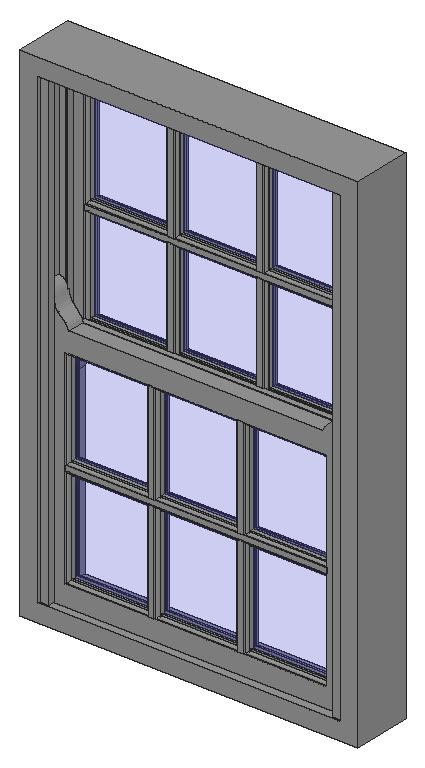
Revit family "HMEL1SP", category Windows, host Wall, Revit 2015
Parameters (values of type "HMEL1SP")
  Height = 1200 mm
  Default Lintel Height = 2100 mm
  Wall Closure = By host
  Width = 800 mm
Reference planes
  plane 1 "Center (Front/Back)": y = 0
  plane 2 "Center (Left/Right)": x = 0
  plane 3 "Left": x = -400
  plane 4 "Right": x = 400
  plane 5 "Sill": z = 900
  plane 6 "Head": z = 2100
  plane 7 "Exterior": y = 100
  plane 8 "Interior": y = -100
  plane 9: y = -28.5
  plane 10: y = 23.5
  plane 11: z = 1500
  plane 12: z = 1528.5
  plane 13: z = 1471.5
Forms (mm)
  Sweep 1, solid, material "Lauan, Meranti"
    path origin (-10500, 23.5, 2100) x (0, 0, -1) y (-1, 0, 0)
      loop
        line (0, -10900) -> (1200, -10900) -> (1200, -10100) -> (0, -10100) -> (0, -10900)
    profile origin (0, 23.5, 2100) x (0, 0, 1) y (0, 1, 0)
      loop
        line (0, 46.5) -> (-42, 46.5) -> (-42, -93.5) -> (0, -93.5) -> (0, 46.5)
  Sweep 2, solid, material "Lauan, Meranti"
    path origin (-10500, 31, 1962.5) x (0, 0, -1) y (-1, 0, 0)
      loop
        line (-95.5, -10858) -> (491, -10858) -> (491, -10142) -> (-95.5, -10142) -> (-95.5, -10858)
    profile origin (0, 31, 2058) x (0, 0, 1) y (0, 1, 0)
      loop
        line (-48, 18.5) -> (-48, -6.5) -> (-57, -6.5) -> (-57, -14.499) -> (-53.996, -14.499)
        arc (-53.996, -14.499) -> (-52.238, -18.744) -> (-47.994, -20.502) r 6.002
        line (-47.994, -20.502) -> (-47.994, -23.5) -> (0, -23.5) -> (0, 18.5) -> (-48, 18.5)
  Extrusion 3, solid, material "Lauan, Meranti"
    sketch origin (-10500, 7.5, 1962.5) x (0, 0, -1) y (-1, 0, 0)
      loop
        line (491, -10801) -> (491, -10858) -> (576, -10858)
        spline (576, -10858) -> (568.022, -10845.331) -> (558.494, -10838.581) -> (548.752, -10835.386) -> (540.116, -10833.399) -> (533.202, -10831.197) -> (527.644, -10828.636) -> (523.005, -10825.669) -> (518.783, -10822.149) -> (514.297, -10817.644) -> (508.83, -10811.691) -> (501.472, -10805.147) -> (491, -10801)
      loop
        spline (491, -10199) -> (501.472, -10194.853) -> (508.83, -10188.309) -> (514.297, -10182.356) -> (518.783, -10177.851) -> (523.005, -10174.331) -> (527.644, -10171.364) -> (533.202, -10168.803) -> (540.116, -10166.601) -> (548.752, -10164.614) -> (558.494, -10161.419) -> (568.022, -10154.669) -> (576, -10142)
        line (576, -10142) -> (491, -10142) -> (491, -10199)
    from 0 to 42
  Sweep 4, solid, material "Lauan, Meranti"
    path origin (-10500, 16, 1962.5) x (0, 0, -1) y (-1, 0, 0)
      loop
        line (434, -10858) -> (1020.5, -10858) -> (1020.5, -10142) -> (434, -10142) -> (434, -10858)
    profile origin (0, 16, 1528.5) x (0, 0, 1) y (0, 1, 0)
      loop
        line (0, -65.5) -> (0, -23.5) -> (-48, -23.5) -> (-48, -48.5) -> (-57, -48.5) -> (-57, -56.499) -> (-53.996, -56.499)
        arc (-53.996, -56.499) -> (-52.238, -60.744) -> (-47.994, -62.502) r 6.002
        line (-47.994, -62.502) -> (-47.994, -65.5) -> (0, -65.5)
  Extrusion 5, solid, material "Lauan, Meranti"
    sketch origin (-10500, -49.5, 1037.5) x (0, 0, 1) y (1, 0, 0)
      loop
        spline (491, 10801) -> (501.472, 10805.147) -> (508.83, 10811.691) -> (514.297, 10817.644) -> (518.783, 10822.149) -> (523.005, 10825.669) -> (527.644, 10828.636) -> (533.202, 10831.197) -> (540.116, 10833.399) -> (548.752, 10835.386) -> (558.494, 10838.581) -> (568.022, 10845.331) -> (576, 10858)
        line (576, 10858) -> (491, 10858) -> (491, 10801)
      loop
        line (491, 10199) -> (491, 10142) -> (576, 10142)
        spline (576, 10142) -> (568.022, 10154.669) -> (558.494, 10161.419) -> (548.752, 10164.614) -> (540.116, 10166.601) -> (533.202, 10168.803) -> (527.644, 10171.364) -> (523.005, 10174.331) -> (518.783, 10177.851) -> (514.297, 10182.356) -> (508.83, 10188.309) -> (501.472, 10194.853) -> (491, 10199)
    from 0 to 42
  Extrusion 6, solid, material "Lauan, Meranti"
    sketch origin (45.571, 187.242, 1092) x (1, 0, 0) y (0, 1, 0)
      loop
        line (290.429, -194.742) -> (293.929, -194.742) -> (293.929, -187.742) -> (296.929, -187.742) -> (296.929, -194.742) -> (312.429, -194.742) -> (312.429, -182.742) -> (309.429, -182.742) -> (309.429, -179.742) -> (290.429, -179.742) -> (290.429, -194.742)
      loop
        line (290.429, -236.742) -> (290.429, -251.742) -> (309.429, -251.742) -> (309.429, -248.742) -> (312.429, -248.742) -> (312.429, -236.742) -> (296.929, -236.742) -> (296.929, -243.742) -> (293.929, -243.742) -> (293.929, -236.742) -> (290.429, -236.742)
      loop
        line (-381.571, -194.742) -> (-381.571, -179.742) -> (-400.571, -179.742) -> (-400.571, -182.742) -> (-403.571, -182.742) -> (-403.571, -194.742) -> (-388.071, -194.742) -> (-388.071, -187.742) -> (-385.071, -187.742) -> (-385.071, -194.742) -> (-381.571, -194.742)
      loop
        line (-381.571, -236.742) -> (-385.071, -236.742) -> (-385.071, -243.742) -> (-388.071, -243.742) -> (-388.071, -236.742) -> (-403.571, -236.742) -> (-403.571, -248.742) -> (-400.571, -248.742) -> (-400.571, -251.742) -> (-381.571, -251.742) -> (-381.571, -236.742)
    from -150 to 966
  Extrusion 7, solid, material "Lauan, Meranti"
    sketch origin (-400, 0, -150) x (0, -1, 0) y (0, 0, 1)
      loop
        line (7.5, 1678.5) -> (-7.5, 1678.5) -> (-7.5, 1659.5) -> (-4.5, 1659.5) -> (-4.5, 1656.5) -> (7.5, 1656.5) -> (7.5, 1672) -> (0.5, 1672) -> (0.5, 1675) -> (7.5, 1675) -> (7.5, 1678.5)
    from -64 to -736
  Extrusion 8, solid, material "Lauan, Meranti"
    sketch origin (0, 26, 127.963) x (1, 0, 0) y (0, 1, 0)
      loop
        line (99, 23.5) -> (99, -1.5) -> (90, -1.5) -> (90, -9.5) -> (93, -9.5)
        arc (93, -9.5) -> (94.757, -13.743) -> (99, -15.5) r 6
        line (99, -15.5) -> (99, -18.5) -> (112, -18.5) -> (112, -15.5)
        arc (112, -15.5) -> (116.243, -13.743) -> (118, -9.5) r 6
        line (118, -9.5) -> (121, -9.5) -> (121, -1.5) -> (112, -1.5) -> (112, 23.5) -> (99, 23.5)
      loop
        line (-112, 23.5) -> (-112, -1.5) -> (-121, -1.5) -> (-121, -9.5) -> (-118, -9.5)
        arc (-118, -9.5) -> (-116.243, -13.743) -> (-112, -15.5) r 6
        line (-112, -15.5) -> (-112, -18.5) -> (-99, -18.5) -> (-99, -15.5)
        arc (-99, -15.5) -> (-94.757, -13.743) -> (-93, -9.5) r 6
        line (-93, -9.5) -> (-90, -9.5) -> (-90, -1.5) -> (-99, -1.5) -> (-99, 23.5) -> (-112, 23.5)
    from 1643.287 to 1882.037
  Extrusion 9, solid, material "Lauan, Meranti"
    sketch origin (0, 26, -90.825) x (1, 0, 0) y (0, 1, 0)
      loop
        line (99, 23.5) -> (99, -1.5) -> (90, -1.5) -> (90, -9.5) -> (93, -9.5)
        arc (93, -9.5) -> (94.757, -13.743) -> (99, -15.5) r 6
        line (99, -15.5) -> (99, -18.5) -> (112, -18.5) -> (112, -15.5)
        arc (112, -15.5) -> (116.243, -13.743) -> (118, -9.5) r 6
        line (118, -9.5) -> (121, -9.5) -> (121, -1.5) -> (112, -1.5) -> (112, 23.5) -> (99, 23.5)
      loop
        line (-112, 23.5) -> (-112, -1.5) -> (-121, -1.5) -> (-121, -9.5) -> (-118, -9.5)
        arc (-118, -9.5) -> (-116.243, -13.743) -> (-112, -15.5) r 6
        line (-112, -15.5) -> (-112, -18.5) -> (-99, -18.5) -> (-99, -15.5)
        arc (-99, -15.5) -> (-94.757, -13.743) -> (-93, -9.5) r 6
        line (-93, -9.5) -> (-90, -9.5) -> (-90, -1.5) -> (-99, -1.5) -> (-99, 23.5) -> (-112, 23.5)
    from 1610.325 to 1849.075
  Sweep 10, solid, material "Lauan, Meranti"
    path origin (26.75, 107.5, -211.401) x (1, 0, 0) y (0, 0, 1)
      loop
        line (283.25, 2221.401) -> (85.25, 2221.401) -> (85.25, 1982.651) -> (283.25, 1982.651) -> (283.25, 2221.401)
    profile origin (211, 107.5, 2010) x (0, 0, -1) y (0, -1, 0)
      loop
        arc (0, 68.6) -> (4.67, 70.234) -> (7, 74.6) r 6.807
        line (7, 74.6) -> (9, 74.6) -> (9, 76.6) -> (0, 76.6) -> (0, 68.6)
  Extrusion 11, solid, material "Lauan, Meranti"
    sketch origin (1495.5, 26, 1764.75) x (0, 0, 1) y (0, 1, 0)
      loop
        line (-6.5, 23.5) -> (-6.5, -1.5) -> (-15.5, -1.5) -> (-15.5, -9.5) -> (-12.5, -9.5)
        arc (-12.5, -9.5) -> (-10.743, -13.743) -> (-6.5, -15.5) r 6
        line (-6.5, -15.5) -> (-6.5, -18.5) -> (6.5, -18.5) -> (6.5, -15.5)
        arc (6.5, -15.5) -> (10.743, -13.743) -> (12.5, -9.5) r 6
        line (12.5, -9.5) -> (15.5, -9.5) -> (15.5, -1.5) -> (6.5, -1.5) -> (6.5, 23.5) -> (-6.5, 23.5)
    from 1185.5 to 1805.5
  Sweep 12, solid, material "Lauan, Meranti"
    path origin (-184.25, 107.5, -211.401) x (1, 0, 0) y (0, 0, 1)
      loop
        line (283.25, 2221.401) -> (85.25, 2221.401) -> (85.25, 1982.651) -> (283.25, 1982.651) -> (283.25, 2221.401)
    profile origin (0, 107.5, 2010) x (0, 0, -1) y (0, -1, 0)
      loop
        arc (0, 68.6) -> (4.67, 70.234) -> (7, 74.6) r 6.807
        line (7, 74.6) -> (9, 74.6) -> (9, 76.6) -> (0, 76.6) -> (0, 68.6)
  Sweep 13, solid, material "Lauan, Meranti"
    path origin (-395.25, 107.5, -211.401) x (1, 0, 0) y (0, 0, 1)
      loop
        line (283.25, 2221.401) -> (85.25, 2221.401) -> (85.25, 1982.651) -> (283.25, 1982.651) -> (283.25, 2221.401)
    profile origin (-211, 107.5, 2010) x (0, 0, -1) y (0, -1, 0)
      loop
        arc (0, 68.6) -> (4.67, 70.234) -> (7, 74.6) r 6.807
        line (7, 74.6) -> (9, 74.6) -> (9, 76.6) -> (0, 76.6) -> (0, 68.6)
  Sweep 14, solid, material "Lauan, Meranti"
    path origin (-395.25, 107.5, -394.401) x (1, 0, 0) y (0, 0, 1)
      loop
        line (283.25, 2152.651) -> (85.25, 2152.651) -> (85.25, 1913.901) -> (283.25, 1913.901) -> (283.25, 2152.651)
    profile origin (-211, 107.5, 1758.25) x (0, 0, -1) y (0, -1, 0)
      loop
        arc (0, 68.6) -> (4.67, 70.234) -> (7, 74.6) r 6.807
        line (7, 74.6) -> (9, 74.6) -> (9, 76.6) -> (0, 76.6) -> (0, 68.6)
  Sweep 15, solid, material "Lauan, Meranti"
    path origin (-184.25, 107.5, -394.401) x (1, 0, 0) y (0, 0, 1)
      loop
        line (283.25, 2152.651) -> (85.25, 2152.651) -> (85.25, 1913.901) -> (283.25, 1913.901) -> (283.25, 2152.651)
    profile origin (0, 107.5, 1758.25) x (0, 0, -1) y (0, -1, 0)
      loop
        arc (0, 68.6) -> (4.67, 70.234) -> (7, 74.6) r 6.807
        line (7, 74.6) -> (9, 74.6) -> (9, 76.6) -> (0, 76.6) -> (0, 68.6)
  Sweep 16, solid, material "Lauan, Meranti"
    path origin (26.75, 107.5, -394.401) x (1, 0, 0) y (0, 0, 1)
      loop
        line (283.25, 2152.651) -> (85.25, 2152.651) -> (85.25, 1913.901) -> (283.25, 1913.901) -> (283.25, 2152.651)
    profile origin (211, 107.5, 1758.25) x (0, 0, -1) y (0, -1, 0)
      loop
        arc (0, 68.6) -> (4.67, 70.234) -> (7, 74.6) r 6.807
        line (7, 74.6) -> (9, 74.6) -> (9, 76.6) -> (0, 76.6) -> (0, 68.6)
  Extrusion 17, solid, material "Glass"
    sketch origin (-10500, 24.5, 2031.25) x (0, 0, -1) y (-1, 0, 0)
      loop
        line (21.25, -10810) -> (260, -10810) -> (260, -10612) -> (21.25, -10612) -> (21.25, -10810)
      loop
        line (21.25, -10599) -> (260, -10599) -> (260, -10401) -> (21.25, -10401) -> (21.25, -10599)
      loop
        line (21.25, -10388) -> (260, -10388) -> (260, -10190) -> (21.25, -10190) -> (21.25, -10388)
      loop
        line (273, -10810) -> (511.75, -10810) -> (511.75, -10612) -> (273, -10612) -> (273, -10810)
      loop
        line (273, -10599) -> (511.75, -10599) -> (511.75, -10401) -> (273, -10401) -> (273, -10599)
      loop
        line (273, -10388) -> (511.75, -10388) -> (511.75, -10190) -> (273, -10190) -> (273, -10388)
    from 0 to 6.4
  Extrusion 18, solid, material "Lauan, Meranti"
    sketch origin (0, -31, -401.537) x (1, 0, 0) y (0, 1, 0)
      loop
        line (99, 23.5) -> (99, -1.5) -> (90, -1.5) -> (90, -9.5) -> (93, -9.5)
        arc (93, -9.5) -> (94.757, -13.743) -> (99, -15.5) r 6
        line (99, -15.5) -> (99, -18.5) -> (112, -18.5) -> (112, -15.5)
        arc (112, -15.5) -> (116.243, -13.743) -> (118, -9.5) r 6
        line (118, -9.5) -> (121, -9.5) -> (121, -1.5) -> (112, -1.5) -> (112, 23.5) -> (99, 23.5)
      loop
        line (-112, 23.5) -> (-112, -1.5) -> (-121, -1.5) -> (-121, -9.5) -> (-118, -9.5)
        arc (-118, -9.5) -> (-116.243, -13.743) -> (-112, -15.5) r 6
        line (-112, -15.5) -> (-112, -18.5) -> (-99, -18.5) -> (-99, -15.5)
        arc (-99, -15.5) -> (-94.757, -13.743) -> (-93, -9.5) r 6
        line (-93, -9.5) -> (-90, -9.5) -> (-90, -1.5) -> (-99, -1.5) -> (-99, 23.5) -> (-112, 23.5)
    from 1643.287 to 1882.037
  Extrusion 19, solid, material "Lauan, Meranti"
    sketch origin (0, -31, -620.325) x (1, 0, 0) y (0, 1, 0)
      loop
        line (99, 23.5) -> (99, -1.5) -> (90, -1.5) -> (90, -9.5) -> (93, -9.5)
        arc (93, -9.5) -> (94.757, -13.743) -> (99, -15.5) r 6
        line (99, -15.5) -> (99, -18.5) -> (112, -18.5) -> (112, -15.5)
        arc (112, -15.5) -> (116.243, -13.743) -> (118, -9.5) r 6
        line (118, -9.5) -> (121, -9.5) -> (121, -1.5) -> (112, -1.5) -> (112, 23.5) -> (99, 23.5)
      loop
        line (-112, 23.5) -> (-112, -1.5) -> (-121, -1.5) -> (-121, -9.5) -> (-118, -9.5)
        arc (-118, -9.5) -> (-116.243, -13.743) -> (-112, -15.5) r 6
        line (-112, -15.5) -> (-112, -18.5) -> (-99, -18.5) -> (-99, -15.5)
        arc (-99, -15.5) -> (-94.757, -13.743) -> (-93, -9.5) r 6
        line (-93, -9.5) -> (-90, -9.5) -> (-90, -1.5) -> (-99, -1.5) -> (-99, 23.5) -> (-112, 23.5)
    from 1610.325 to 1849.075
  Sweep 20, solid, material "Lauan, Meranti"
    path origin (26.75, 50.5, -740.901) x (1, 0, 0) y (0, 0, 1)
      loop
        line (283.25, 2221.401) -> (85.25, 2221.401) -> (85.25, 1982.651) -> (283.25, 1982.651) -> (283.25, 2221.401)
    profile origin (211, 50.5, 1480.5) x (0, 0, -1) y (0, -1, 0)
      loop
        arc (0, 68.6) -> (4.67, 70.234) -> (7, 74.6) r 6.807
        line (7, 74.6) -> (9, 74.6) -> (9, 76.6) -> (0, 76.6) -> (0, 68.6)
  Extrusion 21, solid, material "Lauan, Meranti"
    sketch origin (1495.5, -31, 1235.25) x (0, 0, 1) y (0, 1, 0)
      loop
        line (-6.5, 23.5) -> (-6.5, -1.5) -> (-15.5, -1.5) -> (-15.5, -9.5) -> (-12.5, -9.5)
        arc (-12.5, -9.5) -> (-10.743, -13.743) -> (-6.5, -15.5) r 6
        line (-6.5, -15.5) -> (-6.5, -18.5) -> (6.5, -18.5) -> (6.5, -15.5)
        arc (6.5, -15.5) -> (10.743, -13.743) -> (12.5, -9.5) r 6
        line (12.5, -9.5) -> (15.5, -9.5) -> (15.5, -1.5) -> (6.5, -1.5) -> (6.5, 23.5) -> (-6.5, 23.5)
    from 1185.5 to 1805.5
  Sweep 22, solid, material "Lauan, Meranti"
    path origin (-184.25, 50.5, -740.901) x (1, 0, 0) y (0, 0, 1)
      loop
        line (283.25, 2221.401) -> (85.25, 2221.401) -> (85.25, 1982.651) -> (283.25, 1982.651) -> (283.25, 2221.401)
    profile origin (0, 50.5, 1480.5) x (0, 0, -1) y (0, -1, 0)
      loop
        arc (0, 68.6) -> (4.67, 70.234) -> (7, 74.6) r 6.807
        line (7, 74.6) -> (9, 74.6) -> (9, 76.6) -> (0, 76.6) -> (0, 68.6)
  Sweep 23, solid, material "Lauan, Meranti"
    path origin (-395.25, 50.5, -740.901) x (1, 0, 0) y (0, 0, 1)
      loop
        line (283.25, 2221.401) -> (85.25, 2221.401) -> (85.25, 1982.651) -> (283.25, 1982.651) -> (283.25, 2221.401)
    profile origin (-211, 50.5, 1480.5) x (0, 0, -1) y (0, -1, 0)
      loop
        arc (0, 68.6) -> (4.67, 70.234) -> (7, 74.6) r 6.807
        line (7, 74.6) -> (9, 74.6) -> (9, 76.6) -> (0, 76.6) -> (0, 68.6)
  Sweep 24, solid, material "Lauan, Meranti"
    path origin (-395.25, 50.5, -923.901) x (1, 0, 0) y (0, 0, 1)
      loop
        line (283.25, 2152.651) -> (85.25, 2152.651) -> (85.25, 1913.901) -> (283.25, 1913.901) -> (283.25, 2152.651)
    profile origin (-211, 50.5, 1228.75) x (0, 0, -1) y (0, -1, 0)
      loop
        arc (0, 68.6) -> (4.67, 70.234) -> (7, 74.6) r 6.807
        line (7, 74.6) -> (9, 74.6) -> (9, 76.6) -> (0, 76.6) -> (0, 68.6)
  Sweep 25, solid, material "Lauan, Meranti"
    path origin (-184.25, 50.5, -923.901) x (1, 0, 0) y (0, 0, 1)
      loop
        line (283.25, 2152.651) -> (85.25, 2152.651) -> (85.25, 1913.901) -> (283.25, 1913.901) -> (283.25, 2152.651)
    profile origin (0, 50.5, 1228.75) x (0, 0, -1) y (0, -1, 0)
      loop
        arc (0, 68.6) -> (4.67, 70.234) -> (7, 74.6) r 6.807
        line (7, 74.6) -> (9, 74.6) -> (9, 76.6) -> (0, 76.6) -> (0, 68.6)
  Sweep 26, solid, material "Lauan, Meranti"
    path origin (26.75, 50.5, -923.901) x (1, 0, 0) y (0, 0, 1)
      loop
        line (283.25, 2152.651) -> (85.25, 2152.651) -> (85.25, 1913.901) -> (283.25, 1913.901) -> (283.25, 2152.651)
    profile origin (211, 50.5, 1228.75) x (0, 0, -1) y (0, -1, 0)
      loop
        arc (0, 68.6) -> (4.67, 70.234) -> (7, 74.6) r 6.807
        line (7, 74.6) -> (9, 74.6) -> (9, 76.6) -> (0, 76.6) -> (0, 68.6)
  Extrusion 27, solid, material "Glass"
    sketch origin (-10500, -32.5, 1501.75) x (0, 0, -1) y (-1, 0, 0)
      loop
        line (21.25, -10810) -> (260, -10810) -> (260, -10612) -> (21.25, -10612) -> (21.25, -10810)
      loop
        line (21.25, -10599) -> (260, -10599) -> (260, -10401) -> (21.25, -10401) -> (21.25, -10599)
      loop
        line (21.25, -10388) -> (260, -10388) -> (260, -10190) -> (21.25, -10190) -> (21.25, -10388)
      loop
        line (273, -10810) -> (511.75, -10810) -> (511.75, -10612) -> (273, -10612) -> (273, -10810)
      loop
        line (273, -10599) -> (511.75, -10599) -> (511.75, -10401) -> (273, -10401) -> (273, -10599)
      loop
        line (273, -10388) -> (511.75, -10388) -> (511.75, -10190) -> (273, -10190) -> (273, -10388)
    from 0 to 6.4
Cuts and joins
  joined: Sweep 2, Extrusion 3
  joined: Sweep 4, Extrusion 5
Lines and regions (mm)
  Opening 1
    outline origin (3500, -100, 0) x (1, 0, 0) y (0, 0, 1)
      loop
        line (-3100, 900) -> (-3100, 2100) -> (-3900, 2100) -> (-3900, 900) -> (-3100, 900)
  model lines
    curve 1: line (358, 49.5, 2058) -> (0, 49.5, 1471.5)
    curve 2: line (-358, 49.5, 2058) -> (0, 49.5, 1471.5)
    curve 3: line (-210, -7.5, 1074.922) -> (-210, -7.5, 1254.922)
    curve 4: line (-210, -7.5, 1394) -> (-153.809, -7.5, 1254.922)
    curve 5: line (-153.809, -7.5, 1254.922) -> (-266.191, -7.5, 1254.922)
    curve 6: line (-210, -7.5, 1394) -> (-266.191, -7.5, 1254.922)
Text (mm)
  text "EXTERIOR" at (-1963.203, 1332.353, 0), in view "Ref. Level"
  text "INTERIOR" at (-1981.466, -818.386, 0), in view "Ref. Level"
  text "Exterior" at (0, 923.751, 2943.296), in view "Right"
  text "Exterior" at (0, 1040.484, 2685.409), in view "Left"
Dimensions and locks
  equal spacing: plane 3 "Left", plane 2 "Center (Left/Right)", plane 4 "Right"
  "Width": plane 3 "Left" to plane 4 "Right"
  "Height": plane 5 "Sill" to plane 6 "Head"
  "Default Lintel Height": plane 6 "Head" to level
  locked: plane 7 "Exterior" to host wall at 0
  locked: plane 8 "Interior" to host wall
  locked: plane 10 to plane 9 at 52
  plane 3 "Left" to plane 4 "Right" = 800 mm
  aligned and locked: Sweep 1 sketch curve to host wall  (x4)
  aligned and locked: Extrusion 7 to Extrusion 6  (x2)
  aligned and locked: Extrusion 6 to Sweep 1  (x2)
  aligned and locked: Sweep 2 sketch curve to Sweep 1
  aligned and locked: Sweep 4 sketch curve to Sweep 1
  aligned and locked: Sweep 10 sketch curve to Extrusion 8
  aligned and locked: Sweep 12 sketch curve to Extrusion 8  (x2)
  aligned and locked: Sweep 13 sketch curve to Extrusion 8
  aligned and locked: Sweep 13 sketch curve to Extrusion 11
  aligned and locked: Sweep 16 sketch curve to Extrusion 11
  aligned and locked: Sweep 16 sketch curve to Extrusion 9
  aligned and locked: Sweep 15 sketch curve to Extrusion 9  (x2)
  aligned and locked: Sweep 14 sketch curve to Extrusion 9
  aligned and locked: Extrusion 17 sketch curve to Extrusion 17 sketch curve  (x14)
  aligned and locked: Sweep 20 sketch curve to Extrusion 18
  aligned and locked: Sweep 22 sketch curve to Extrusion 18  (x2)
  aligned and locked: Sweep 23 sketch curve to Extrusion 18
  aligned and locked: Sweep 23 sketch curve to Extrusion 21
  aligned and locked: Sweep 26 sketch curve to Extrusion 21
  aligned and locked: Sweep 26 sketch curve to Extrusion 19
  aligned and locked: Sweep 25 sketch curve to Extrusion 19  (x2)
  aligned and locked: Sweep 24 sketch curve to Extrusion 19
  aligned and locked: Extrusion 27 sketch curve to Extrusion 27 sketch curve  (x14)
Automatic sketch dimensions
  plane 3 "Left" to Opening 1 sketch curve = 0 mm
  plane 4 "Right" to Opening 1 sketch curve = 0 mm
  Opening 1 sketch curve to plane 5 "Sill" = 0 mm
  Opening 1 sketch curve to plane 6 "Head" = 0 mm
  profile plane to Sweep 1 sketch curve = 0 mm
  profile plane to Sweep 1 sketch curve = 42 mm
  Sweep 1 sketch curve to plane 10 = 93.5 mm
  plane 10 to Sweep 1 sketch curve = 46.5 mm
  plane 2 "Center (Left/Right)" to curve 1 = 0 mm
  curve 1 to plane 13 = 0 mm
  curve 2 to plane 3 "Left" = 42 mm
  plane 4 "Right" to curve 1 = 42 mm
  plane 6 "Head" to curve 1 = 42 mm
  plane 6 "Head" to curve 2 = 42 mm
  plane 13 to curve 6 = 77.5 mm
  curve 4 to curve 5 = 139.078 mm
  curve 5 to plane 3 "Left" = 133.809 mm
  curve 6 to curve 6 = 56.191 mm
  curve 6 to curve 5 = 112.382 mm
  curve 3 to plane 5 "Sill" = 174.922 mm
  curve 3 to curve 4 = 56.191 mm
  Sweep 2 sketch curve to plane 13 = 0 mm
  plane 4 "Right" to Sweep 2 sketch curve = 42 mm
  Sweep 2 sketch curve to plane 3 "Left" = 42 mm
  profile plane to Sweep 2 sketch curve = 0 mm
  Sweep 2 sketch curve to profile plane = 23.5 mm
  profile plane to Sweep 2 sketch curve = 47.994 mm
  Sweep 2 sketch curve to Sweep 2 sketch curve = 0.006 mm
  Sweep 2 sketch curve to Sweep 2 sketch curve = 6.002 mm
  Sweep 2 sketch curve to Sweep 2 sketch curve = 3.004 mm
  Sweep 2 sketch curve to Sweep 2 sketch curve = 2.998 mm
  Sweep 2 sketch curve to profile plane = 6.5 mm
  profile plane to Sweep 2 sketch curve = 18.5 mm
  Extrusion 3 sketch curve to plane 13 = 0 mm  (x2)
  Extrusion 3 sketch curve to plane 3 "Left" = 42 mm
  Extrusion 3 sketch curve to Extrusion 3 sketch curve = 85 mm
  plane 4 "Right" to Extrusion 3 sketch curve = 42 mm
  plane 13 to Extrusion 3 sketch curve = 85 mm
  Extrusion 3 sketch curve to Extrusion 3 sketch curve = 57 mm  (x2)
  Sweep 4 sketch curve to plane 12 = 0 mm
  plane 4 "Right" to Sweep 4 sketch curve = 42 mm
  Sweep 4 sketch curve to plane 3 "Left" = 42 mm
  profile plane to Sweep 4 sketch curve = 0 mm
  profile plane to Sweep 4 sketch curve = 47.994 mm
  Sweep 4 sketch curve to Sweep 4 sketch curve = 0.006 mm
  Sweep 4 sketch curve to Sweep 4 sketch curve = 6.002 mm
  Sweep 4 sketch curve to Sweep 4 sketch curve = 3.004 mm
  Sweep 4 sketch curve to profile plane = 65.5 mm
  Sweep 4 sketch curve to Sweep 4 sketch curve = 2.998 mm
  Sweep 4 sketch curve to Sweep 4 sketch curve = 7.999 mm
  Sweep 4 sketch curve to profile plane = 23.5 mm
  Extrusion 5 sketch curve to plane 12 = 0 mm  (x2)
  Extrusion 5 sketch curve to plane 3 "Left" = 42 mm
  Extrusion 5 sketch curve to Extrusion 5 sketch curve = 85 mm  (x2)
  plane 4 "Right" to Extrusion 5 sketch curve = 42 mm
  Extrusion 5 sketch curve to Extrusion 5 sketch curve = 57 mm  (x2)
  Extrusion 6 sketch curve to plane 3 "Left" = 42 mm
  host wall to Extrusion 6 sketch curve = 7.5 mm  (x2)
  Extrusion 6 sketch curve to Extrusion 6 sketch curve = 0 mm  (x5)
  Extrusion 6 sketch curve to Extrusion 6 sketch curve = 3 mm  (x11)
  Extrusion 6 sketch curve to Extrusion 6 sketch curve = 15.5 mm  (x2)
  host wall to Extrusion 6 sketch curve = 0.5 mm  (x2)
  Extrusion 6 sketch curve to Extrusion 6 sketch curve = 3.5 mm  (x4)
  plane 4 "Right" to Extrusion 6 sketch curve = 64 mm
  Extrusion 6 sketch curve to plane 9 = 21 mm
  Extrusion 6 sketch curve to Extrusion 6 sketch curve = 12.5 mm  (x2)
  Extrusion 6 sketch curve to host wall = 4.5 mm  (x2)
  Extrusion 6 sketch curve to Extrusion 6 sketch curve = 7 mm  (x2)
  Extrusion 6 sketch curve to plane 9 = 28 mm
  Extrusion 6 sketch curve to Extrusion 6 sketch curve = 5 mm  (x2)
  Extrusion 6 sketch curve to Extrusion 6 sketch curve = 12 mm
  Extrusion 6 sketch curve to host wall = 7.5 mm
  Extrusion 7 sketch curve to plane 12 = 0 mm
  Extrusion 7 sketch curve to host wall = 7.5 mm
  Extrusion 7 sketch curve to Extrusion 7 sketch curve = 3 mm  (x2)
  host wall to Extrusion 7 sketch curve = 0.5 mm
  Extrusion 7 sketch curve to Extrusion 7 sketch curve = 7 mm
  host wall to Extrusion 7 sketch curve = 7.5 mm
  Extrusion 7 sketch curve to plane 12 = 3.5 mm
  plane 11 to Extrusion 7 sketch curve = 9.5 mm
  plane 11 to Extrusion 7 sketch curve = 6.5 mm
  plane 10 to Extrusion 8 sketch curve = 1 mm  (x4)
  plane 2 "Center (Left/Right)" to Extrusion 8 sketch curve = 121 mm
  Extrusion 8 sketch curve to Extrusion 8 sketch curve = 3 mm  (x8)
  Extrusion 8 sketch curve to Extrusion 8 sketch curve = 9 mm  (x2)
  Extrusion 8 sketch curve to Extrusion 8 sketch curve = 6 mm  (x4)
  Extrusion 8 sketch curve to Extrusion 8 sketch curve = 13 mm  (x4)
  Extrusion 8 sketch curve to plane 10 = 7 mm
  Extrusion 8 sketch curve to plane 2 "Center (Left/Right)" = 90 mm
  Extrusion 8 sketch curve to host wall = 10.5 mm
  Extrusion 8 sketch curve to Extrusion 8 sketch curve = 25 mm  (x2)
  plane 10 to Extrusion 9 sketch curve = 1 mm  (x4)
  plane 2 "Center (Left/Right)" to Extrusion 9 sketch curve = 121 mm
  Extrusion 9 sketch curve to Extrusion 9 sketch curve = 3 mm  (x8)
  Extrusion 9 sketch curve to Extrusion 9 sketch curve = 9 mm  (x2)
  Extrusion 9 sketch curve to Extrusion 9 sketch curve = 6 mm  (x4)
  Extrusion 9 sketch curve to Extrusion 9 sketch curve = 13 mm  (x4)
  Extrusion 9 sketch curve to plane 10 = 7 mm
  Extrusion 9 sketch curve to plane 2 "Center (Left/Right)" = 90 mm
  Extrusion 9 sketch curve to host wall = 10.5 mm
  Extrusion 9 sketch curve to Extrusion 9 sketch curve = 25 mm  (x2)
  plane 4 "Right" to Sweep 10 sketch curve = 90 mm
  plane 12 to Sweep 10 sketch curve = 242.75 mm
  plane 6 "Head" to Sweep 10 sketch curve = 90 mm
  Sweep 10 sketch curve to profile plane = 0 mm
  Sweep 10 sketch curve to profile plane = 0.241 mm
  Sweep 10 sketch curve to Sweep 10 sketch curve = 6.759 mm
  Sweep 10 sketch curve to Sweep 10 sketch curve = 2 mm  (x2)
  profile plane to Sweep 10 sketch curve = 68.6 mm
  Sweep 10 sketch curve to Sweep 10 sketch curve = 6 mm
  Extrusion 11 sketch curve to plane 10 = 7 mm
  plane 12 to Extrusion 11 sketch curve = 220.75 mm
  Extrusion 11 sketch curve to Extrusion 11 sketch curve = 3 mm  (x3)
  plane 10 to Extrusion 11 sketch curve = 1 mm  (x2)
  Extrusion 11 sketch curve to Extrusion 11 sketch curve = 9 mm
  Extrusion 11 sketch curve to Extrusion 11 sketch curve = 6 mm  (x2)
  Extrusion 11 sketch curve to Extrusion 11 sketch curve = 13 mm  (x2)
  Extrusion 11 sketch curve to host wall = 10.5 mm
  Extrusion 11 sketch curve to Extrusion 11 sketch curve = 25 mm
  plane 12 to Sweep 12 sketch curve = 242.75 mm
  plane 6 "Head" to Sweep 12 sketch curve = 90 mm
  Sweep 12 sketch curve to profile plane = 0 mm
  Sweep 12 sketch curve to profile plane = 0.241 mm
  Sweep 12 sketch curve to Sweep 12 sketch curve = 6.759 mm
  Sweep 12 sketch curve to Sweep 12 sketch curve = 2 mm  (x2)
  profile plane to Sweep 12 sketch curve = 68.6 mm
  Sweep 12 sketch curve to Sweep 12 sketch curve = 6 mm
  Sweep 13 sketch curve to plane 3 "Left" = 90 mm
  plane 6 "Head" to Sweep 13 sketch curve = 90 mm
  Sweep 13 sketch curve to profile plane = 0 mm
  Sweep 13 sketch curve to profile plane = 0.241 mm
  Sweep 13 sketch curve to Sweep 13 sketch curve = 6.759 mm
  Sweep 13 sketch curve to Sweep 13 sketch curve = 2 mm  (x2)
  profile plane to Sweep 13 sketch curve = 68.6 mm
  Sweep 13 sketch curve to Sweep 13 sketch curve = 6 mm
  Sweep 14 sketch curve to plane 12 = 9 mm
  Sweep 14 sketch curve to plane 3 "Left" = 90 mm
  plane 12 to Sweep 14 sketch curve = 229.75 mm
  Sweep 14 sketch curve to profile plane = 0 mm
  Sweep 14 sketch curve to profile plane = 0.241 mm
  Sweep 14 sketch curve to Sweep 14 sketch curve = 6.759 mm
  Sweep 14 sketch curve to Sweep 14 sketch curve = 2 mm  (x2)
  profile plane to Sweep 14 sketch curve = 68.6 mm
  Sweep 14 sketch curve to Sweep 14 sketch curve = 6 mm
  Sweep 15 sketch curve to plane 12 = 9 mm
  plane 12 to Sweep 15 sketch curve = 229.75 mm
  Sweep 15 sketch curve to profile plane = 0 mm
  Sweep 15 sketch curve to profile plane = 0.241 mm
  Sweep 15 sketch curve to Sweep 15 sketch curve = 6.759 mm
  Sweep 15 sketch curve to Sweep 15 sketch curve = 2 mm  (x2)
  profile plane to Sweep 15 sketch curve = 68.6 mm
  Sweep 15 sketch curve to Sweep 15 sketch curve = 6 mm
  Sweep 16 sketch curve to plane 12 = 9 mm
  plane 4 "Right" to Sweep 16 sketch curve = 90 mm
  Sweep 16 sketch curve to profile plane = 0 mm
  Sweep 16 sketch curve to profile plane = 0.241 mm
  Sweep 16 sketch curve to Sweep 16 sketch curve = 6.759 mm
  Sweep 16 sketch curve to Sweep 16 sketch curve = 2 mm  (x2)
  profile plane to Sweep 16 sketch curve = 68.6 mm
  Sweep 16 sketch curve to Sweep 16 sketch curve = 6 mm
  plane 6 "Head" to Extrusion 17 sketch curve = 90 mm
  plane 2 "Center (Left/Right)" to Extrusion 17 sketch curve = 99 mm
  Extrusion 17 sketch curve to Extrusion 17 sketch curve = 238.75 mm
  Extrusion 17 sketch curve to Extrusion 17 sketch curve = 0 mm
  Extrusion 17 sketch curve to Extrusion 17 sketch curve = 13 mm  (x3)
  Extrusion 17 sketch curve to plane 12 = 9 mm
  Extrusion 17 sketch curve to plane 2 "Center (Left/Right)" = 99 mm
  plane 4 "Right" to Extrusion 17 sketch curve = 90 mm
  Extrusion 17 sketch curve to plane 3 "Left" = 90 mm
  Extrusion 18 sketch curve to plane 9 = 4 mm  (x4)
  plane 2 "Center (Left/Right)" to Extrusion 18 sketch curve = 121 mm
  Extrusion 18 sketch curve to Extrusion 18 sketch curve = 3 mm  (x8)
  host wall to Extrusion 18 sketch curve = 7.5 mm  (x2)
  Extrusion 18 sketch curve to Extrusion 18 sketch curve = 9 mm  (x2)
  Extrusion 18 sketch curve to Extrusion 18 sketch curve = 6 mm  (x4)
  Extrusion 18 sketch curve to Extrusion 18 sketch curve = 13 mm  (x4)
  Extrusion 18 sketch curve to plane 9 = 12 mm
  Extrusion 18 sketch curve to plane 2 "Center (Left/Right)" = 90 mm
  Extrusion 18 sketch curve to plane 9 = 18 mm
  Extrusion 19 sketch curve to plane 9 = 4 mm  (x4)
  plane 2 "Center (Left/Right)" to Extrusion 19 sketch curve = 121 mm
  Extrusion 19 sketch curve to Extrusion 19 sketch curve = 3 mm  (x8)
  host wall to Extrusion 19 sketch curve = 7.5 mm  (x2)
  Extrusion 19 sketch curve to Extrusion 19 sketch curve = 9 mm  (x2)
  Extrusion 19 sketch curve to Extrusion 19 sketch curve = 6 mm  (x4)
  Extrusion 19 sketch curve to Extrusion 19 sketch curve = 13 mm  (x4)
  Extrusion 19 sketch curve to plane 9 = 12 mm
  Extrusion 19 sketch curve to plane 2 "Center (Left/Right)" = 90 mm
  Extrusion 19 sketch curve to plane 9 = 18 mm
  plane 4 "Right" to Sweep 20 sketch curve = 90 mm
  plane 13 to Sweep 20 sketch curve = 229.75 mm
  Sweep 20 sketch curve to plane 13 = 9 mm
  Sweep 20 sketch curve to profile plane = 0 mm
  Sweep 20 sketch curve to profile plane = 0.241 mm
  Sweep 20 sketch curve to Sweep 20 sketch curve = 6.759 mm
  Sweep 20 sketch curve to Sweep 20 sketch curve = 2 mm  (x2)
  profile plane to Sweep 20 sketch curve = 68.6 mm
  Sweep 20 sketch curve to Sweep 20 sketch curve = 6 mm
  Extrusion 21 sketch curve to plane 9 = 12 mm
  plane 13 to Extrusion 21 sketch curve = 251.75 mm
  Extrusion 21 sketch curve to Extrusion 21 sketch curve = 3 mm  (x3)
  Extrusion 21 sketch curve to plane 9 = 4 mm  (x2)
  Extrusion 21 sketch curve to Extrusion 21 sketch curve = 9 mm
  Extrusion 21 sketch curve to Extrusion 21 sketch curve = 6 mm  (x2)
  Extrusion 21 sketch curve to Extrusion 21 sketch curve = 13 mm  (x2)
  Extrusion 21 sketch curve to Extrusion 21 sketch curve = 0 mm
  host wall to Extrusion 21 sketch curve = 7.5 mm
  plane 13 to Sweep 22 sketch curve = 229.75 mm
  Sweep 22 sketch curve to plane 13 = 9 mm
  Sweep 22 sketch curve to profile plane = 0 mm
  Sweep 22 sketch curve to profile plane = 0.241 mm
  Sweep 22 sketch curve to Sweep 22 sketch curve = 6.759 mm
  Sweep 22 sketch curve to Sweep 22 sketch curve = 2 mm  (x2)
  profile plane to Sweep 22 sketch curve = 68.6 mm
  Sweep 22 sketch curve to Sweep 22 sketch curve = 6 mm
  Sweep 23 sketch curve to plane 3 "Left" = 90 mm
  Sweep 23 sketch curve to plane 13 = 9 mm
  Sweep 23 sketch curve to profile plane = 0 mm
  Sweep 23 sketch curve to profile plane = 0.241 mm
  Sweep 23 sketch curve to Sweep 23 sketch curve = 6.759 mm
  Sweep 23 sketch curve to Sweep 23 sketch curve = 2 mm  (x2)
  profile plane to Sweep 23 sketch curve = 68.6 mm
  Sweep 23 sketch curve to Sweep 23 sketch curve = 6 mm
  Sweep 24 sketch curve to plane 3 "Left" = 90 mm
  Sweep 24 sketch curve to plane 5 "Sill" = 90 mm
  Sweep 24 sketch curve to Sweep 24 sketch curve = 238.75 mm
  Sweep 24 sketch curve to profile plane = 0 mm
  Sweep 24 sketch curve to profile plane = 0.241 mm
  Sweep 24 sketch curve to Sweep 24 sketch curve = 6.759 mm
  Sweep 24 sketch curve to Sweep 24 sketch curve = 2 mm  (x2)
  profile plane to Sweep 24 sketch curve = 68.6 mm
  Sweep 24 sketch curve to Sweep 24 sketch curve = 6 mm
  Sweep 25 sketch curve to plane 5 "Sill" = 90 mm
  Sweep 25 sketch curve to Sweep 25 sketch curve = 238.75 mm
  Sweep 25 sketch curve to profile plane = 0 mm
  Sweep 25 sketch curve to profile plane = 0.241 mm
  Sweep 25 sketch curve to Sweep 25 sketch curve = 6.759 mm
  Sweep 25 sketch curve to Sweep 25 sketch curve = 2 mm  (x2)
  profile plane to Sweep 25 sketch curve = 68.6 mm
  Sweep 25 sketch curve to Sweep 25 sketch curve = 6 mm
  plane 4 "Right" to Sweep 26 sketch curve = 90 mm
  Sweep 26 sketch curve to plane 5 "Sill" = 90 mm
  Sweep 26 sketch curve to profile plane = 0 mm
  Sweep 26 sketch curve to profile plane = 0.241 mm
  Sweep 26 sketch curve to Sweep 26 sketch curve = 6.759 mm
  Sweep 26 sketch curve to Sweep 26 sketch curve = 2 mm  (x2)
  profile plane to Sweep 26 sketch curve = 68.6 mm
  Sweep 26 sketch curve to Sweep 26 sketch curve = 6 mm
  Extrusion 27 sketch curve to plane 13 = 9 mm
  plane 2 "Center (Left/Right)" to Extrusion 27 sketch curve = 99 mm
  plane 13 to Extrusion 27 sketch curve = 229.75 mm
  Extrusion 27 sketch curve to Extrusion 27 sketch curve = 0 mm
  Extrusion 27 sketch curve to Extrusion 27 sketch curve = 13 mm  (x3)
  Extrusion 27 sketch curve to plane 5 "Sill" = 90 mm
  Extrusion 27 sketch curve to plane 2 "Center (Left/Right)" = 99 mm
  plane 4 "Right" to Extrusion 27 sketch curve = 90 mm
  Extrusion 27 sketch curve to plane 3 "Left" = 90 mm
